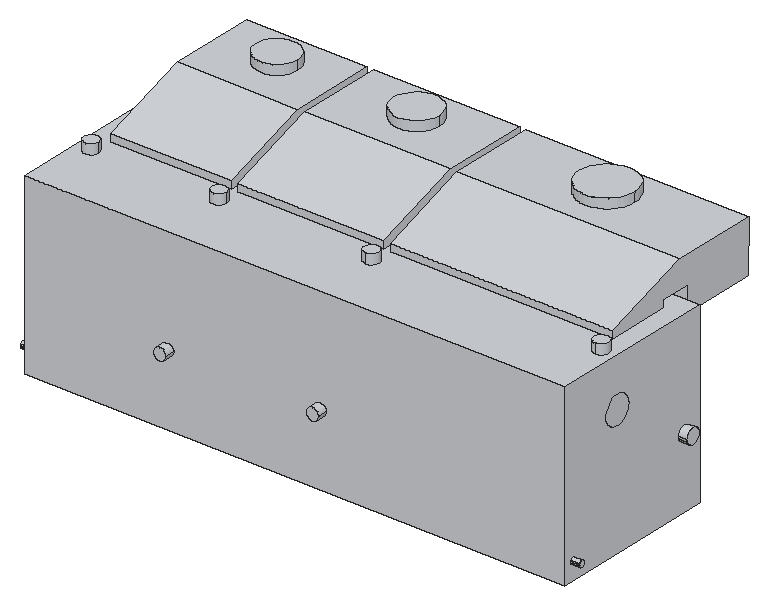
Revit family "M_Caldeira a gás - Ferro fundido - 365-384 kW", category Equipamento mecânico, Revit 2019
Family settings
  Cota do conector redondo = Usar raio
  Tipo de parte = Normal
  Número OmniClass = 23.75.10.11.14.11
  Título OmniClass = Cast-Iron Boilers
  ID de item do Seek = Gas Fired Boiler - Cast Iron - 365-384 kW-0000-CAN-ENU
  Com base no plano de trabalho = Não
  Sempre na vertical = Sim
  Corte com vazios quando carregada = Não
  Compartilhado = Não
  Ponto de cálculo do ambiente = Não
Parameters (values of type "365 kW")
  Fluxo da água [instance] = 0.58 L/s
  Raio da ventilação 3 = 150 mm
  Raio da ventilação 2 = 125 mm
  Raio da ventilação 1 = 112.5 mm
  Comprimento da ventilação 4 = 708 mm
  Comprimento da ventilação 2 = 1035 mm
  Comprimento da ventilação 1 = 759 mm
  Diâmetro da ventilação 3 = Raio da ventilação 3 * 2  # 300 mm
  Diâmetro da ventilação 1 = Raio da ventilação 1 * 2  # 225 mm
  Diâmetro da ventilação 2 = Raio da ventilação 2 * 2  # 250 mm
  Aumento de temperatura [instance] = 16 °C
  Comprimento de fornecimento 3 = 1248 mm
  Comprimento de fornecimento 2 = 829 mm
  Comprimento de fornecimento 1 = 694 mm
  Queda de pressão da água [instance] = 327500.0 Pa
  Calor de saída [instance] = 365000 W
  Calor de entrada [instance] = 457000 W
  Raio do gás = 16 mm
  Fluxo de gás [instance] = 0.06 L/s
  Diâmetro do gás = Raio do gás * 2  # 32 mm
  Raio da água quente = 40 mm
  Diâmetro da água quente = Raio da água quente * 2  # 80 mm
  Fluxo do ar de exaustão [instance] = 0.0 L/s
  Raio da água gelada = 40 mm
  Diâmetro da água gelada = Raio da água gelada * 2  # 80 mm
  Comprimento do exaustor 3 = 1207 mm
  Comprimento do exaustor 2 = 793 mm
  Comprimento do exaustor 1 = 655 mm
  Material do boiler = none
  Comprimento da caldeira = 2934 mm
  BHP [instance] = 35
  Raio da água quente 2 = Raio da água quente 1  # 40 mm
  Raio da água quente 1 = 40 mm
  Diâmetro da água quente 2 = Raio da água quente 2 * 2  # 80 mm
  Diâmetro da água quente 1 = Raio da água quente 1 * 2  # 80 mm
  Raio da água gelada 2 = Raio da água gelada 1  # 32.5 mm
  Raio da água gelada 1 = 32.5 mm
  Diâmetro da água gelada 2 = Raio da água gelada 2 * 2  # 65 mm
  Diâmetro da água gelada 1 = Raio da água gelada 1 * 2  # 65 mm
Types (3, lengths in mm): name | Raio da ventilação 1 | Comprimento da ventilação 1 | Diâmetro da ventilação 1 | Comprimento de fornecimento 1 | Queda de pressão da água | Calor de saída | Calor de entrada | Comprimento do exaustor 1 | Comprimento da caldeira | BHP
  (no name) | 112.5 | 759 | 225 | 694 | 327500.0 Pa | 365000 W | 457000 W | 655 | 2934 | 35
  365 kW | 112.5 | 759 | 225 | 694 | 327500.0 Pa | 365000 W | 457000 W | 655 | 2934 | 35
  384 kW | 125 | 829 | 250 | 832 | 328000.0 Pa | 384000 W | 480000 W | 793 | 3073 | 38.7
Reference planes
  plane 1 "Centro (Frente/Trás)": y = 0
  plane 2: z = 0
  plane 3 "Centro (Esquerda/Direita)": x = 0
  plane 4: x = 2934
  plane 5: y = 914.4
  plane 6: z = 965.2
  plane 7: z = 101.6
  plane 8: y = 50.8
  plane 9: x = -50.8
  plane 10: y = 808.037
  plane 11: z = 390.525
  plane 12: x = 82.55
  plane 13: y = 349.25
  plane 14: z = 1016
  plane 15: x = 776.55
  plane 16: x = 2226
  plane 17: z = 698.5
  plane 18: y = 355.6
  plane 19: y = 1376.362
  plane 20: z = 868.362
  plane 21: z = 1154.113
  plane 22: y = 965.2
  plane 23: y = 798.512
  plane 24: y = 457.2
  plane 25: z = 1003.3
  plane 26: y = 908.05
  plane 27: y = 1173.162
  plane 28: z = 1204.912
  plane 29: x = 2984.8
  plane 30: x = 1605.55
  plane 31: y = -50.8
  plane 32: x = 1622.5
  plane 33: x = 2829.5
  plane 34: x = 794.5
  plane 35: x = 1191
  plane 36: x = 1587.5
  plane 37: x = 104.5
  plane 38: x = 432
  plane 39: x = 759.5
  plane 40: x = 2853.55
Forms (mm)
  Extrusion 1, solid, material <- "Material do boiler"
    sketch origin (0, 0, 0) x (1, 0, 0) y (0, 1, 0)
      loop
        line (0, 914.4) -> (0, 0) -> (2934, 0) -> (2934, 914.4) -> (0, 914.4)
    from 0 to 965.2
  Extrusion 2, solid, material <- "Material do boiler"
    sketch origin (0, 0, 0) x (0, 1, 0) y (0, 0, 1)
      loop
        circle (50.8, 101.6) r 16
    from 0 to -50.8
  Extrusion 3, solid, material <- "Material do boiler"
    sketch origin (0, 0, 0) x (0, 1, 0) y (0, 0, 1)
      loop
        circle (808.037, 390.525) r 40
    from 0 to -50.8
  Extrusion 4, solid, material <- "Material do boiler"
    sketch origin (0, 0, 0) x (1, 0, 0) y (0, 1, 0)
      loop
        circle (82.55, 349.25) r 40
    from 965.2 to 1016
  Extrusion 5, solid, material <- "Material do boiler"
    sketch origin (0, 0, 0) x (1, 0, 0) y (0, 1, 0)
      loop
        circle (776.55, 349.25) r 40
    from 965.2 to 1016
  Extrusion 6, solid, material <- "Material do boiler"
    sketch origin (0, 0, 0) x (0, 1, 0) y (0, 0, 1)
      loop
        circle (355.6, 698.5) r 76.2
    from 0 to 2226
  Extrusion 7, solid, material <- "Material do boiler", detail levels fine
    sketch origin (0, 0, 0) x (0, 1, 0) y (0, 0, 1)
      loop
        line (457.2, 965.2) -> (798.512, 965.2) -> (798.512, 1003.3) -> (965.2, 1003.3) -> (965.2, 868.363) -> (1376.362, 868.363) -> (1376.362, 1154.113) -> (908.05, 1154.113) -> (457.2, 1003.3) -> (457.2, 965.2)
    from 1622.5 to 2829.5
  Extrusion 8, solid, material <- "Material do boiler"
    sketch origin (0, 0, 0) x (1, 0, 0) y (0, 1, 0)
      loop
        circle (2226, 1173.162) r 150
    from 1154.113 to 1204.913
  Extrusion 9, solid, material <- "Material do boiler"
    sketch origin (863.6, 0, 0) x (0, 1, 0) y (0, 0, -1)
      loop
        circle (808.037, -390.525) r 40
    from -2070.4 to -2121.2
  Extrusion 10, solid, material <- "Material do boiler"
    sketch origin (1136.65, 0, 0) x (0, 1, 0) y (0, 0, -1)
      loop
        circle (355.6, -698.5) r 76.2
    from -1797.35 to -1089.35
  Extrusion 11, solid, material <- "Material do boiler"
    sketch origin (0, 0, 0) x (1, 0, 0) y (0, 0, 1)
      loop
        circle (776.55, 390.525) r 32.5
    from 0 to 50.8
  Extrusion 12, solid, material <- "Material do boiler"
    sketch origin (0, 1465.263, 101.6) x (0, 1, 0) y (-1, 0, 0)
      loop
        circle (-1116.013, -1605.55) r 40
    from 863.6 to 914.4
  Extrusion 13, solid, material <- "Material do boiler"
    sketch origin (2143.72, 0, 0) x (0, 1, 0) y (0, 0, -1)
      loop
        circle (50.8, -101.6) r 16
    from -790.28 to -841.08
  Extrusion 14, solid, material <- "Material do boiler", detail levels fine
    sketch origin (2933.7, 0, 0) x (0, 1, 0) y (0, 0, -1)
      loop
        line (457.2, -965.2) -> (457.2, -1003.3) -> (908.05, -1154.113) -> (1376.362, -1154.113) -> (1376.362, -868.363) -> (965.2, -868.363) -> (965.2, -1003.3) -> (798.512, -1003.3) -> (798.512, -965.2) -> (457.2, -965.2)
    from 1346.2 to 2139.2
  Extrusion 15, solid, material <- "Material do boiler"
    sketch origin (2933.7, 0, 0) x (-1, 0, 0) y (0, -1, 0)
      loop
        circle (1742.7, -1173.162) r 125
    from 1154.113 to 1204.913
  Extrusion 16, solid, material <- "Material do boiler", detail levels fine
    sketch origin (-1421.11, 0, 0) x (0, 1, 0) y (0, 0, 1)
      loop
        line (457.2, 965.2) -> (798.512, 965.2) -> (798.512, 1003.3) -> (965.2, 1003.3) -> (965.2, 868.363) -> (1376.362, 868.363) -> (1376.362, 1154.113) -> (908.05, 1154.113) -> (457.2, 1003.3) -> (457.2, 965.2)
    from 1525.61 to 2180.61
  Extrusion 17, solid, material <- "Material do boiler"
    sketch origin (-1421.11, 0, 0) x (1, 0, 0) y (0, 1, 0)
      loop
        circle (1853.11, 1173.162) r 112.5
    from 1154.113 to 1204.913
  Extrusion 18, solid, material <- "Material do boiler"
    sketch origin (0, 0, 0) x (1, 0, 0) y (0, 0, 1)
      loop
        circle (1605.55, 390.525) r 32.5
    from 0 to 50.8
  Extrusion 19, solid, material <- "Material do boiler"
    sketch origin (0, 1465.263, 101.6) x (0, 1, 0) y (-1, 0, 0)
      loop
        circle (-1116.013, -2853.55) r 40
    from 863.6 to 914.4
  Extrusion 20, solid, material <- "Material do boiler", detail levels coarse+medium
    sketch origin (0, 1465.263, 101.6) x (0, 1, 0) y (-1, 0, 0)
      loop
        line (-88.901, -104.5) -> (-550.863, -104.5) -> (-550.863, -2829.5) -> (-88.901, -2829.5) -> (-88.901, -104.5)
    from 766.763 to 1052.512
  Extrusion 21, solid, material <- "Material do boiler", detail levels coarse+medium
    sketch origin (0, 1465.263, 101.6) x (0, 1, 0) y (-1, 0, 0)
      loop
        line (-550.863, -104.5) -> (-1008.063, -104.5) -> (-1008.063, -2829.5) -> (-550.863, -2829.5) -> (-550.863, -104.5)
    from 863.6 to 1052.512
  Extrusion 22, solid, material <- "Material do boiler", detail levels fine
    sketch origin (0, 0, 0) x (1, 0, 0) y (0, 0, 1)
      loop
        circle (776.55, 390.525) r 32.5
      loop
        circle (1605.55, 390.525) r 32.5
    from 0 to 50.8
  Extrusion 23, solid
    sketch origin (1605.55, 0, 0) x (0, 1, 0) y (0, 0, 1)
      loop
        circle (808.037, 390.525) r 40
      loop
        circle (50.8, 101.6) r 16
    from 0 to 304.8
  Extrusion 24, solid, material <- "Material do boiler", detail levels fine
    sketch origin (1605.55, 0, 0) x (0, 1, 0) y (0, 0, 1)
      loop
        circle (808.037, 390.525) r 40
      loop
        circle (50.8, 101.6) r 16
    from -1656.35 to -1605.55
  Extrusion 25, solid, material <- "Material do boiler", detail levels fine
    sketch origin (1605.55, 0, 0) x (0, 1, 0) y (0, 0, 1)
      loop
        circle (808.037, 390.525) r 40
      loop
        circle (50.8, 101.6) r 16
    from 1328.45 to 1379.25
Cuts and joins
  joined: Extrusion 1, Extrusion 4, Extrusion 5, Extrusion 8, Extrusion 12, Extrusion 15, Extrusion 17, Extrusion 19
  joined: Extrusion 7, Extrusion 14, Extrusion 16
  joined: Extrusion 2, Extrusion 3, Extrusion 9, Extrusion 11, Extrusion 13, Extrusion 18
  joined: Extrusion 20, Extrusion 21
Lines and regions (mm)
  model lines, detail levels coarse+medium
    curve 1: line (0, 50.8, 101.6) -> (-50.8, 50.8, 101.6)
    curve 2: line (0, 808.037, 390.525) -> (-50.8, 808.037, 390.525)
    curve 3: line (2984.8, 808.037, 390.525) -> (2934, 808.037, 390.525)
    curve 5: line (2934, 50.8, 101.6) -> (2984.8, 50.8, 101.6)
    curve 6: line (776.55, 0, 390.525) -> (776.55, -50.8, 390.525)
    curve 9: line (1605.55, 0, 390.525) -> (1605.55, -50.8, 390.525)
  model lines, detail levels coarse
    curve 4: line (2226, 1173.162, 1154.112) -> (2226, 1173.162, 1204.912)
    curve 7: line (1191, 1173.162, 1154.112) -> (1191, 1173.162, 1204.912)
    curve 8: line (432, 1173.162, 1154.112) -> (432, 1173.162, 1204.912)
  symbolic lines, detail levels fine
    curve 10: line (-50.8, 846.137, 101.6) -> (0, 846.137, 101.6)
    curve 11: line (-50.8, 769.937, 101.6) -> (0, 769.937, 101.6)
    curve 12: line (-50.8, 846.137, 101.6) -> (-50.8, 769.937, 101.6)
    curve 13: line (-50.8, 66.675, 101.6) -> (0, 66.675, 101.6)
    curve 14: line (-50.8, 34.925, 101.6) -> (0, 34.925, 101.6)
    curve 15: line (-50.8, 66.675, 101.6) -> (-50.8, 34.925, 101.6)
    curve 16: line (744.865, 0, 101.6) -> (744.865, -50.8, 101.6)
    curve 17: line (808.44, 0, 101.6) -> (808.44, -50.8, 101.6)
    curve 18: line (744.865, -50.8, 101.6) -> (808.44, -50.8, 101.6)
    curve 19: line (1574.155, 0, 101.6) -> (1574.155, -50.8, 101.6)
    curve 20: line (1637.085, 0, 101.6) -> (1637.085, -50.8, 101.6)
    curve 21: line (1574.155, -50.8, 101.6) -> (1637.085, -50.8, 101.6)
    curve 22: line (2934, 66.675, 101.6) -> (2984.8, 66.675, 101.6)
    curve 23: line (2984.8, 34.925, 101.6) -> (2934, 34.925, 101.6)
    curve 24: line (2984.8, 66.675, 101.6) -> (2984.8, 34.925, 101.6)
    curve 25: line (2934, 846.137, 101.6) -> (2984.8, 846.137, 101.6)
    curve 26: line (2934, 769.937, 101.6) -> (2984.8, 769.937, 101.6)
    curve 27: line (2984.8, 846.137, 101.6) -> (2984.8, 769.937, 101.6)
Dimensions and locks
  locked: plane 6 to plane 2 at 965.2
  locked: plane 5 to plane 1 "Centro (Frente/Trás)" at 914.4
  "Comprimento da caldeira": plane 4 to plane 3 "Centro (Esquerda/Direita)"
  locked: plane 7 to plane 2 at 101.6
  locked: plane 8 to plane 1 "Centro (Frente/Trás)" at 50.8
  locked: plane 3 "Centro (Esquerda/Direita)" to plane 9 at 50.8
  locked: plane 5 to plane 10 at 106.363
  locked: plane 11 to plane 2 at 390.525
  locked: plane 12 to plane 3 "Centro (Esquerda/Direita)" at 82.55
  locked: plane 13 to plane 1 "Centro (Frente/Trás)" at 349.25
  locked: plane 14 to plane 6 at 50.8
  "Comprimento de fornecimento 1": plane 15 to plane 12
  "Comprimento da ventilação 4": plane 4 to plane 16
  locked: plane 17 to plane 2 at 698.5
  locked: plane 18 to plane 1 "Centro (Frente/Trás)" at 355.6
  locked: plane 19 to plane 1 "Centro (Frente/Trás)" at 1376.363
  locked: plane 20 to plane 2 at 868.362
  locked: plane 21 to plane 20 at 285.75
  locked: plane 19 to plane 22 at 411.162
  locked: plane 22 to plane 23 at 166.688
  locked: plane 23 to plane 24 at 341.312
  locked: plane 25 to plane 6 at 38.1
  locked: plane 26 to plane 24 at 450.85
  locked: plane 27 to plane 1 "Centro (Frente/Trás)" at 1173.162
  locked: plane 28 to plane 21 at 50.8
  locked: plane 29 to plane 4 at 50.8
  "Comprimento de fornecimento 2": plane 30 to plane 15
  locked: plane 1 "Centro (Frente/Trás)" to plane 31 at 50.8
  "Comprimento do exaustor 3": plane 33 to plane 32
  equal spacing: plane 33, plane 16, plane 32
  "Comprimento do exaustor 2": plane 36 to plane 34
  equal spacing: plane 36, plane 35, plane 34
  "Comprimento da ventilação 2": plane 16 to plane 35
  "Comprimento do exaustor 1": plane 39 to plane 37
  equal spacing: plane 39, plane 38, plane 37
  "Comprimento da ventilação 1": plane 35 to plane 38
  "Comprimento de fornecimento 3": plane 40 to plane 30
  "Raio do gás": radius of Extrusion 2 sketch curve
  "Raio da água gelada": radius of Extrusion 3 sketch curve
  "Raio da água quente": radius of Extrusion 4 sketch curve
  "Raio da água quente 1": radius of Extrusion 5 sketch curve
  radius of Extrusion 6 sketch curve = 76.2 mm
  "Raio da ventilação 3": radius of Extrusion 8 sketch curve
  "Raio da água gelada": radius of Extrusion 9 sketch curve
  radius of Extrusion 10 sketch curve = 76.2 mm
  "Raio da água gelada 1": radius of Extrusion 11 sketch curve
  "Raio da água quente 2": radius of Extrusion 12 sketch curve
  "Raio do gás": radius of Extrusion 13 sketch curve
  "Raio da ventilação 2": radius of Extrusion 15 sketch curve
  "Raio da ventilação 1": radius of Extrusion 17 sketch curve
  "Raio da água gelada 2": radius of Extrusion 18 sketch curve
  "Raio da água quente": radius of Extrusion 19 sketch curve
  "Raio da água gelada 2": radius of Extrusion 22 sketch curve
  "Raio da água gelada 1": radius of Extrusion 22 sketch curve
  "Raio da água gelada": radius of Extrusion 23 sketch curve
  "Raio do gás": radius of Extrusion 23 sketch curve
  "Raio da água gelada": radius of Extrusion 24 sketch curve
  "Raio do gás": radius of Extrusion 24 sketch curve
  "Raio do gás": radius of Extrusion 25 sketch curve
  "Raio da água gelada": radius of Extrusion 25 sketch curve
  aligned and locked: Extrusion 1 to plane 5
  aligned and locked: plane 1 "Centro (Frente/Trás)" to Extrusion 1
  aligned and locked: Extrusion 1 to plane 3 "Centro (Esquerda/Direita)"
  aligned and locked: plane 4 to Extrusion 1
  aligned and locked: plane 6 to Extrusion 1
  aligned and locked: Extrusion 1 to plane 2
  aligned and locked: plane 8 to Extrusion 2 sketch curve
  aligned and locked: plane 7 to Extrusion 2 sketch curve
  aligned and locked: Extrusion 2 to plane 9
  aligned and locked: plane 3 "Centro (Esquerda/Direita)" to Extrusion 2
  aligned and locked: plane 10 to Extrusion 3 sketch curve
  aligned and locked: plane 11 to Extrusion 3 sketch curve
  aligned and locked: Extrusion 3 to plane 9
  aligned and locked: plane 3 "Centro (Esquerda/Direita)" to Extrusion 3
  aligned and locked: plane 13 to Extrusion 4 sketch curve
  aligned and locked: plane 12 to Extrusion 4 sketch curve
  aligned and locked: plane 14 to Extrusion 4
  aligned and locked: Extrusion 4 to plane 6
  aligned and locked: plane 15 to Extrusion 5 sketch curve
  aligned and locked: plane 13 to Extrusion 5 sketch curve
  aligned and locked: plane 14 to Extrusion 5
  aligned and locked: Extrusion 5 to plane 6
  aligned and locked: plane 18 to Extrusion 6 sketch curve
  aligned and locked: plane 17 to Extrusion 6 sketch curve
  aligned and locked: Extrusion 6 to plane 3 "Centro (Esquerda/Direita)"
  aligned and locked: plane 16 to Extrusion 6
  aligned and locked: plane 21 to Extrusion 7
  aligned and locked: Extrusion 7 to plane 19
  aligned and locked: Extrusion 7 to plane 20
  aligned and locked: plane 22 to Extrusion 7
  aligned and locked: Extrusion 7 to plane 25
  aligned and locked: Extrusion 7 to plane 23
  aligned and locked: Extrusion 7 to plane 6
  aligned and locked: plane 24 to Extrusion 7
  aligned and locked: plane 16 to Extrusion 8 sketch curve
  aligned and locked: plane 27 to Extrusion 8 sketch curve
  aligned and locked: plane 21 to Extrusion 8
  aligned and locked: plane 28 to Extrusion 8
  aligned and locked: plane 29 to Extrusion 9
  aligned and locked: Extrusion 9 to plane 4
  aligned and locked: plane 10 to Extrusion 9 sketch curve
  aligned and locked: plane 11 to Extrusion 9 sketch curve
  aligned and locked: Extrusion 10 to plane 16
  aligned and locked: plane 4 to Extrusion 10
  aligned and locked: plane 18 to Extrusion 10 sketch curve
  aligned and locked: plane 17 to Extrusion 10 sketch curve
  aligned and locked: plane 3 "Centro (Esquerda/Direita)" to curve 1
  aligned and locked: plane 9 to curve 1
  aligned and locked: plane 7 to curve 1
  aligned and locked: plane 3 "Centro (Esquerda/Direita)" to curve 2
  aligned and locked: plane 9 to curve 2
  aligned and locked: curve 2 to plane 10
  aligned and locked: plane 4 to curve 3
  aligned and locked: plane 29 to curve 3
  aligned and locked: curve 3 to plane 10
  aligned and locked: plane 28 to curve 4
  aligned and locked: plane 16 to curve 4
  aligned and locked: plane 15 to Extrusion 11 sketch curve
  aligned and locked: plane 11 to Extrusion 11 sketch curve
  aligned and locked: plane 31 to Extrusion 11
  aligned and locked: plane 30 to Extrusion 12 sketch curve
  aligned and locked: plane 13 to Extrusion 12 sketch curve
  aligned and locked: plane 14 to Extrusion 12
  aligned and locked: Extrusion 12 to plane 6
  aligned and locked: Extrusion 13 to plane 4
  aligned and locked: plane 29 to Extrusion 13
  aligned and locked: plane 7 to Extrusion 13 sketch curve
  aligned and locked: plane 8 to Extrusion 13 sketch curve
  aligned and locked: curve 6 to plane 15
  aligned and locked: plane 31 to curve 6
  aligned and locked: plane 4 to curve 5
  aligned and locked: plane 29 to curve 5
  aligned and locked: plane 8 to curve 5
  aligned and locked: plane 33 to Extrusion 7
  aligned and locked: Extrusion 7 to plane 32
  aligned and locked: plane 36 to Extrusion 14
  aligned and locked: Extrusion 14 to plane 34
  aligned and locked: plane 35 to curve 7
  aligned and locked: plane 35 to Extrusion 15 sketch curve
  aligned and locked: plane 27 to Extrusion 15 sketch curve
  aligned and locked: plane 39 to Extrusion 16
  aligned and locked: Extrusion 16 to plane 37
  aligned and locked: plane 38 to curve 8
  aligned and locked: plane 38 to Extrusion 17 sketch curve
  aligned and locked: plane 27 to Extrusion 17 sketch curve
  aligned and locked: plane 30 to Extrusion 18 sketch curve
  aligned and locked: plane 11 to Extrusion 18 sketch curve
  aligned and locked: plane 31 to Extrusion 18
  aligned and locked: Extrusion 11 to plane 1 "Centro (Frente/Trás)"
  aligned and locked: plane 13 to Extrusion 19 sketch curve
  aligned and locked: plane 40 to Extrusion 19 sketch curve
  aligned and locked: Extrusion 19 to plane 6
  aligned and locked: plane 14 to Extrusion 19
  aligned and locked: plane 30 to curve 9
  aligned and locked: plane 31 to curve 9
  aligned and locked: curve 9 to plane 11
  aligned and locked: curve 6 to plane 11
  aligned and locked: curve 10 to cut or joined group of Extrusion 2, Extrusion 3, Extrusion 9, Extrusion 11, Extrusion 13, Extrusion 18
  aligned and locked: cut or joined group of Extrusion 2, Extrusion 3, Extrusion 9, Extrusion 11, Extrusion 13, Extrusion 18 to curve 10
  aligned and locked: curve 11 to cut or joined group of Extrusion 2, Extrusion 3, Extrusion 9, Extrusion 11, Extrusion 13, Extrusion 18
  aligned and locked: cut or joined group of Extrusion 2, Extrusion 3, Extrusion 9, Extrusion 11, Extrusion 13, Extrusion 18 to curve 11
  aligned and locked: curve 13 to cut or joined group of Extrusion 2, Extrusion 3, Extrusion 9, Extrusion 11, Extrusion 13, Extrusion 18
  aligned and locked: cut or joined group of Extrusion 2, Extrusion 3, Extrusion 9, Extrusion 11, Extrusion 13, Extrusion 18 to curve 13
  aligned and locked: curve 14 to cut or joined group of Extrusion 2, Extrusion 3, Extrusion 9, Extrusion 11, Extrusion 13, Extrusion 18
  aligned and locked: cut or joined group of Extrusion 2, Extrusion 3, Extrusion 9, Extrusion 11, Extrusion 13, Extrusion 18 to curve 14
  aligned and locked: curve 16 to cut or joined group of Extrusion 2, Extrusion 3, Extrusion 9, Extrusion 11, Extrusion 13, Extrusion 18
  aligned and locked: cut or joined group of Extrusion 2, Extrusion 3, Extrusion 9, Extrusion 11, Extrusion 13, Extrusion 18 to curve 16
  aligned and locked: curve 17 to cut or joined group of Extrusion 2, Extrusion 3, Extrusion 9, Extrusion 11, Extrusion 13, Extrusion 18
  aligned and locked: cut or joined group of Extrusion 2, Extrusion 3, Extrusion 9, Extrusion 11, Extrusion 13, Extrusion 18 to curve 17
  aligned and locked: curve 19 to cut or joined group of Extrusion 2, Extrusion 3, Extrusion 9, Extrusion 11, Extrusion 13, Extrusion 18
  aligned and locked: cut or joined group of Extrusion 2, Extrusion 3, Extrusion 9, Extrusion 11, Extrusion 13, Extrusion 18 to curve 19
  aligned and locked: curve 20 to cut or joined group of Extrusion 2, Extrusion 3, Extrusion 9, Extrusion 11, Extrusion 13, Extrusion 18
  aligned and locked: cut or joined group of Extrusion 2, Extrusion 3, Extrusion 9, Extrusion 11, Extrusion 13, Extrusion 18 to curve 20
  aligned and locked: curve 22 to cut or joined group of Extrusion 2, Extrusion 3, Extrusion 9, Extrusion 11, Extrusion 13, Extrusion 18
  aligned and locked: cut or joined group of Extrusion 2, Extrusion 3, Extrusion 9, Extrusion 11, Extrusion 13, Extrusion 18 to curve 22
  aligned and locked: cut or joined group of Extrusion 2, Extrusion 3, Extrusion 9, Extrusion 11, Extrusion 13, Extrusion 18 to curve 23
  aligned and locked: curve 23 to cut or joined group of Extrusion 2, Extrusion 3, Extrusion 9, Extrusion 11, Extrusion 13, Extrusion 18
  aligned and locked: curve 25 to cut or joined group of Extrusion 2, Extrusion 3, Extrusion 9, Extrusion 11, Extrusion 13, Extrusion 18
  aligned and locked: cut or joined group of Extrusion 2, Extrusion 3, Extrusion 9, Extrusion 11, Extrusion 13, Extrusion 18 to curve 25
  aligned and locked: curve 26 to cut or joined group of Extrusion 2, Extrusion 3, Extrusion 9, Extrusion 11, Extrusion 13, Extrusion 18
  aligned and locked: cut or joined group of Extrusion 2, Extrusion 3, Extrusion 9, Extrusion 11, Extrusion 13, Extrusion 18 to curve 26
  aligned and locked: Extrusion 20 sketch curve to cut or joined group of Extrusion 7, Extrusion 14, Extrusion 16  (x2)
  aligned and locked: cut or joined group 1 (Extrusion 1, Extrusion 4, Extrusion 5, Extrusion 8, Extrusion 12, Extrusion 15, Extrusion 17, Extrusion 19) to Extrusion 20 sketch curve
  aligned and locked: Extrusion 20 sketch curve to plane 33
  aligned and locked: Extrusion 20 to Extrusion 21 sketch curve
  aligned and locked: Extrusion 21 sketch curve to Extrusion 20
  aligned and locked: Extrusion 21 sketch curve to cut or joined group of Extrusion 7, Extrusion 14, Extrusion 16  (x2)
  aligned and locked: Extrusion 20 to curve 4
  aligned and locked: Extrusion 20 to cut or joined group of Extrusion 7, Extrusion 14, Extrusion 16
  aligned and locked: Extrusion 21 to curve 4
  aligned and locked: Extrusion 21 to cut or joined group 1
  aligned and locked: plane 15 to Extrusion 22 sketch curve
  aligned and locked: plane 11 to Extrusion 22 sketch curve  (x2)
  aligned and locked: plane 30 to Extrusion 22 sketch curve
  aligned and locked: Extrusion 22 to plane 1 "Centro (Frente/Trás)"
  aligned and locked: plane 31 to Extrusion 22
  aligned and locked: plane 10 to Extrusion 23 sketch curve
  aligned and locked: plane 11 to Extrusion 23 sketch curve
  aligned and locked: plane 8 to Extrusion 23 sketch curve
  aligned and locked: plane 7 to Extrusion 23 sketch curve
  aligned and locked: plane 10 to Extrusion 24 sketch curve
  aligned and locked: plane 11 to Extrusion 24 sketch curve
  aligned and locked: plane 8 to Extrusion 24 sketch curve
  aligned and locked: plane 7 to Extrusion 24 sketch curve
  aligned and locked: plane 10 to Extrusion 25 sketch curve
  aligned and locked: plane 11 to Extrusion 25 sketch curve
  aligned and locked: plane 8 to Extrusion 25 sketch curve
  aligned and locked: plane 7 to Extrusion 25 sketch curve
  aligned and locked: plane 29 to Extrusion 25
  aligned and locked: Extrusion 25 to plane 4
  aligned and locked: Extrusion 24 to plane 9
  aligned and locked: plane 3 "Centro (Esquerda/Direita)" to Extrusion 24
Automatic sketch dimensions
  Extrusion 1 sketch curve to plane 1 "Centro (Frente/Trás)" = 0 mm
  Extrusion 1 sketch curve to plane 3 "Centro (Esquerda/Direita)" = 0 mm
  Extrusion 1 sketch curve to plane 4 = 0 mm
  Extrusion 1 sketch curve to plane 5 = 0 mm
  Extrusion 7 sketch curve to plane 6 = 0 mm
  Extrusion 7 sketch curve to plane 24 = 0 mm
  Extrusion 7 sketch curve to plane 23 = 0 mm
  Extrusion 7 sketch curve to plane 21 = 0 mm
  Extrusion 7 sketch curve to plane 26 = 0 mm
  Extrusion 7 sketch curve to plane 20 = 0 mm
  Extrusion 7 sketch curve to plane 22 = 0 mm
  Extrusion 7 sketch curve to plane 19 = 0 mm
  Extrusion 7 sketch curve to plane 25 = 0 mm  (x2)
  curve 5 to plane 4 = 0 mm
  curve 5 to plane 7 = 0 mm
  curve 5 to plane 29 = 0 mm
  curve 2 to plane 3 "Centro (Esquerda/Direita)" = 0 mm
  curve 2 to plane 9 = 0 mm
  curve 8 to plane 21 = 0 mm
  curve 8 to plane 28 = 0 mm
  curve 7 to plane 21 = 0 mm
  curve 4 to plane 21 = 0 mm
  curve 7 to plane 28 = 0 mm
  curve 6 to plane 31 = 0 mm
  curve 6 to plane 1 "Centro (Frente/Trás)" = 0 mm
  Extrusion 14 sketch curve to plane 6 = 0 mm
  Extrusion 14 sketch curve to plane 24 = 0 mm
  Extrusion 14 sketch curve to plane 23 = 0 mm
  Extrusion 14 sketch curve to plane 21 = 0 mm
  Extrusion 14 sketch curve to plane 26 = 0 mm
  Extrusion 14 sketch curve to plane 20 = 0 mm
  Extrusion 14 sketch curve to plane 22 = 0 mm
  Extrusion 14 sketch curve to plane 19 = 0 mm
  Extrusion 14 sketch curve to plane 25 = 0 mm  (x2)
  Extrusion 16 sketch curve to plane 6 = 0 mm
  Extrusion 16 sketch curve to plane 24 = 0 mm
  Extrusion 16 sketch curve to plane 23 = 0 mm
  Extrusion 16 sketch curve to plane 21 = 0 mm
  Extrusion 16 sketch curve to plane 26 = 0 mm
  Extrusion 16 sketch curve to plane 20 = 0 mm
  Extrusion 16 sketch curve to plane 22 = 0 mm
  Extrusion 16 sketch curve to plane 19 = 0 mm
  Extrusion 16 sketch curve to plane 25 = 0 mm  (x2)
  plane 31 to curve 9 = 0 mm
  curve 9 to plane 31 = 50.8 mm
  plane 8 to curve 15 = 15.875 mm
  plane 8 to curve 23 = 15.875 mm
  curve 22 to plane 8 = 15.875 mm
  curve 15 to plane 8 = 15.875 mm
  plane 23 to curve 11 = 28.575 mm
  plane 23 to curve 26 = 28.575 mm
  curve 25 to plane 10 = 38.1 mm
  curve 12 to plane 10 = 38.1 mm
  plane 32 to curve 20 = 14.585 mm
  curve 21 to plane 36 = 13.345 mm
  plane 34 to curve 17 = 13.94 mm
  curve 16 to plane 39 = 14.635 mm
Connectors
  piping at (82.55, 349.25, 1016), diameter 80, driven by "Raio da água quente", driven by "Fluxo da água", driven by "Queda de pressão da água"
    settings: on Extrusion 4, index 1, connector inside diameter 80 mm, connector length 0 mm, flow factor 0, pipe flow 0.58 L/s, pressure drop 327500.0 Pa, fitting loss kfactor 0, connector angle 0.00°, fixture units 0, engagement length 0 mm, angle of deflection 0.00°, flow configuration 0, flow direction 2, fitting loss method 4, system type 7, joint type 0, gender type 0, connector reference index -1, connector utility 0, adjustable connector no, is connector primary yes, connector description "Saída de água quente"
  piping at (776.55, 349.25, 1016), diameter 80, driven by "Fluxo da água", driven by "Queda de pressão da água", driven by "Raio da água quente 1"
    settings: on Extrusion 5, index 2, connector inside diameter 80 mm, connector length 0 mm, flow factor 0, pipe flow 0.58 L/s, pressure drop 327500.0 Pa, fitting loss kfactor 0, connector angle 0.00°, fixture units 0, engagement length 0 mm, angle of deflection 0.00°, flow configuration 0, flow direction 2, fitting loss method 4, system type 7, joint type 0, gender type 0, connector reference index -1, connector utility 0, adjustable connector no, is connector primary no, connector description "Saída de água quente"
  piping at (1605.55, 349.25, 1016), diameter 80, driven by "Fluxo da água", driven by "Queda de pressão da água", driven by "Raio da água quente 2"
    settings: on Extrusion 12, index 3, connector inside diameter 80 mm, connector length 0 mm, flow factor 0, pipe flow 0.58 L/s, pressure drop 327500.0 Pa, fitting loss kfactor 0, connector angle 0.00°, fixture units 0, engagement length 0 mm, angle of deflection 0.00°, flow configuration 0, flow direction 2, fitting loss method 4, system type 7, joint type 0, gender type 0, connector reference index -1, connector utility 0, adjustable connector no, is connector primary no, connector description "Saída de água quente"
  piping at (2853.55, 349.25, 1016), diameter 80, driven by "Queda de pressão da água", driven by "Fluxo da água", driven by "Raio da água quente"
    settings: on Extrusion 19, index 4, connector inside diameter 80 mm, connector length 0 mm, flow factor 0, pipe flow 0.58 L/s, pressure drop 327500.0 Pa, fitting loss kfactor 0, connector angle 0.00°, fixture units 0, engagement length 0 mm, angle of deflection 0.00°, flow configuration 0, flow direction 2, fitting loss method 4, system type 7, joint type 0, gender type 0, connector reference index -1, connector utility 0, adjustable connector no, is connector primary no, connector description "Saída de água quente"
  piping at (-50.8, 808.037, 390.525), diameter 80, driven by "Raio da água gelada", driven by "Fluxo da água"
    settings: on Extrusion 3, index 5, connector inside diameter 80 mm, connector length 0 mm, flow factor 0, pipe flow 0.58 L/s, pressure drop 0.0 Pa, fitting loss kfactor 0, connector angle 0.00°, fixture units 0, engagement length 0 mm, angle of deflection 0.00°, flow configuration 0, flow direction 1, fitting loss method 0, system type 8, joint type 0, gender type 0, connector reference index -1, connector utility 0, adjustable connector no, is connector primary no, connector description "Entrada de água gelada"
  piping at (776.55, -50.8, 390.525), diameter 65, driven by "Raio da água gelada 1", driven by "Fluxo da água"
    settings: on Extrusion 11, index 6, connector inside diameter 65 mm, connector length 0 mm, flow factor 0, pipe flow 0.58 L/s, pressure drop 0.0 Pa, fitting loss kfactor 0, connector angle 0.00°, fixture units 0, engagement length 0 mm, angle of deflection 0.00°, flow configuration 0, flow direction 1, fitting loss method 0, system type 8, joint type 0, gender type 0, connector reference index -1, connector utility 0, adjustable connector no, is connector primary no, connector description "Entrada de água gelada"
  piping at (1605.55, -50.8, 390.525), diameter 65, driven by "Raio da água gelada 2", driven by "Fluxo da água"
    settings: on Extrusion 18, index 7, connector inside diameter 65 mm, connector length 0 mm, flow factor 0, pipe flow 0.58 L/s, pressure drop 0.0 Pa, fitting loss kfactor 0, connector angle 0.00°, fixture units 0, engagement length 0 mm, angle of deflection 0.00°, flow configuration 0, flow direction 1, fitting loss method 4, system type 8, joint type 0, gender type 0, connector reference index -1, connector utility 0, adjustable connector no, is connector primary no, connector description "Entrada de água gelada"
  piping at (2984.8, 808.037, 390.525), diameter 80, driven by "Raio da água gelada", driven by "Fluxo da água"
    settings: on Extrusion 9, index 8, connector inside diameter 80 mm, connector length 0 mm, flow factor 0, pipe flow 0.58 L/s, pressure drop 0.0 Pa, fitting loss kfactor 0, connector angle 0.00°, fixture units 0, engagement length 0 mm, angle of deflection 0.00°, flow configuration 0, flow direction 1, fitting loss method 0, system type 8, joint type 0, gender type 0, connector reference index -1, connector utility 0, adjustable connector no, is connector primary no, connector description "Entrada de água gelada"
  piping at (-50.8, 50.8, 101.6), diameter 32, driven by "Raio do gás", driven by "Fluxo de gás"
    settings: on Extrusion 2, index 9, connector inside diameter 32 mm, connector length 0 mm, flow factor 0, pipe flow 0.06 L/s, pressure drop 0.0 Pa, fitting loss kfactor 0, connector angle 0.00°, fixture units 0, engagement length 0 mm, angle of deflection 0.00°, flow configuration 1, flow direction 1, fitting loss method 0, system type 22, joint type 0, gender type 0, connector reference index -1, connector utility 0, adjustable connector no, is connector primary no, connector description "Entrada de gás"
  piping at (2984.8, 50.8, 101.6), diameter 32, driven by "Raio do gás", driven by "Fluxo de gás"
    settings: on Extrusion 13, index 10, connector inside diameter 32 mm, connector length 0 mm, flow factor 0, pipe flow 0.06 L/s, pressure drop 0.0 Pa, fitting loss kfactor 0, connector angle 0.00°, fixture units 0, engagement length 0 mm, angle of deflection 0.00°, flow configuration 1, flow direction 1, fitting loss method 0, system type 22, joint type 0, gender type 0, connector reference index -1, connector utility 0, adjustable connector no, is connector primary no, connector description "Entrada de gás"
  hvac at (432, 1173.162, 1204.913), driven by "Raio da ventilação 1", driven by "Fluxo do ar de exaustão"
    settings: on Extrusion 17, index 11, duct flow 0.0 L/s, flow factor 0, pres drop 0.0 Pa, loss coef 0, conn angle 0.00°, conn width 304.8 mm, conn height 304.8 mm, conn diameter 225 mm, duct sys type 3, conn prof type 0, flow config 1, flow direction 2, loss method 0, conn ref index -1, conn util no, is conn primary yes, conn desc ""
  hvac at (1191, 1173.162, 1204.913), driven by "Raio da ventilação 2", driven by "Fluxo do ar de exaustão"
    settings: on Extrusion 15, index 12, duct flow 0.0 L/s, flow factor 0, pres drop 0.0 Pa, loss coef 0, conn angle 0.00°, conn width 304.8 mm, conn height 304.8 mm, conn diameter 250 mm, duct sys type 3, conn prof type 0, flow config 1, flow direction 2, loss method 0, conn ref index -1, conn util no, is conn primary no, conn desc ""
  hvac at (2226, 1173.162, 1204.913), driven by "Raio da ventilação 3", driven by "Fluxo do ar de exaustão"
    settings: on Extrusion 8, index 13, duct flow 0.0 L/s, flow factor 0, pres drop 0.0 Pa, loss coef 0, conn angle 0.00°, conn width 304.8 mm, conn height 304.8 mm, conn diameter 300 mm, duct sys type 3, conn prof type 0, flow config 1, flow direction 2, loss method 0, conn ref index -1, conn util no, is conn primary no, conn desc ""
  piping at (0, 355.6, 698.5), diameter 40
    settings: on Extrusion 6, index 14, connector inside diameter 40 mm, connector length 0 mm, flow factor 0, pipe flow 0.0 L/s, pressure drop 0.0 Pa, fitting loss kfactor 0, connector angle 0.00°, fixture units 0, engagement length 0 mm, angle of deflection 0.00°, flow configuration 1, flow direction 2, fitting loss method 0, system type 16, joint type 0, gender type 0, connector reference index -1, connector utility 0, adjustable connector yes, is connector primary no, connector description "Saída da drenagem"
  piping at (2934, 355.6, 698.5), diameter 40
    settings: on Extrusion 10, index 15, connector inside diameter 40 mm, connector length 0 mm, flow factor 0, pipe flow 0.0 L/s, pressure drop 0.0 Pa, fitting loss kfactor 0, connector angle 0.00°, fixture units 0, engagement length 0 mm, angle of deflection 0.00°, flow configuration 1, flow direction 2, fitting loss method 0, system type 16, joint type 0, gender type 0, connector reference index -1, connector utility 0, adjustable connector yes, is connector primary no, connector description "Saída da drenagem"
  electrical at (2934, 457.2, 482.6)
    settings: on Extrusion 1, index 16, voltage 0 V, apparent load 0 VA, apparent load phase1 0 VA, apparent load phase2 0 VA, apparent load phase3 0 VA, power factor 1, load classification "Outros", number of poles 1, system type 13, power factor state 1, is connector primary yes, connector utility no, sub classification motor no, connector description ""
